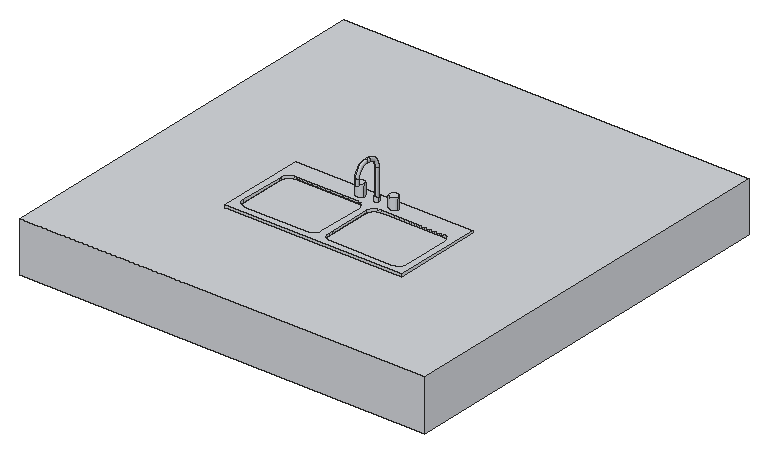
Revit family "M_Pia - Cozinha - Dupla", category Peças hidrossanitárias, Revit 2019
Family settings
  Hospedeiro = Face
  Cota do conector redondo = Usar raio
  Tipo de parte = Normal
  Número OmniClass = 23.45.05.14.14
  Título OmniClass = Sinks/Lavatories
  ID de item do Seek = Sink - Kitchen - Double-0000-CAN-ENU
  Corte com vazios quando carregada = Não
  Compartilhado = Não
  Ponto de cálculo do ambiente = Não
Parameters (values of type "1065 mmx535 mm - Público")
  Espessura = 6.4 mm
  Largura da pia = 535 mm
  WFU = 2
  Material da pia = none
  Raio do sanitário = 20 mm
  Comprimento da pia = 1065 mm
  Raio da água quente = 7.5 mm
  Diâmetro da água quente = Raio da água quente * 2  # 15 mm
  Comprimento de meia pia = Comprimento da pia / 2  # 532.5 mm
  HWFU = 3
  Pressão do fluxo [instance] = 55158.0 Pa
  Material da torneira = none
  Diâmetro do sanitário = Raio do sanitário * 2  # 40 mm
  Profundidade da pia = 205 mm
  Default Elevation = 0 mm
  Raio da água gelada = 7.5 mm
  Diâmetro da água gelada = Raio da água gelada * 2  # 15 mm
  CWFU = 3
  Assembly Code = ""
Types (2, lengths in mm): name | HWFU | CWFU
  1065 mmx535 mm - Público | 3 | 3
  1065 mmx535 mm - Privado | 1 | 1
Reference planes
  plane 1 "Centro (Frente/Trás)": y = 0
  plane 2: z = 0
  plane 3 "Centro (Esquerda/Direita)": x = 0
  plane 4: x = -101.6
  plane 5: x = 101.6
  plane 6: y = -57.15
  plane 7: z = 263.525
  plane 8: z = -205
  plane 9: z = -214.525
  plane 10: y = -535
  plane 11: x = -532.5
  plane 12: x = 532.5
  plane 13: y = -57.15
  plane 14: y = -503.25
  plane 15: y = -496.85
  plane 16: y = -458.75
  plane 17: y = -107.95
  plane 18: y = -114.35
  plane 19: y = -305.6
  plane 20: x = -101.6
  plane 21: x = 101.6
  plane 22: y = -206.375
  plane 23: x = -500.75
  plane 24: x = 500.75
  plane 25: x = -12.7
  plane 26: x = 12.7
  plane 27: x = -19.1
  plane 28: x = 19.1
  plane 29: x = -57.2
  plane 30: x = 57.2
  plane 31: x = -494.35
  plane 32: x = -456.25
  plane 33: x = -256.725
  plane 34: x = 494.35
  plane 35: x = 456.25
  plane 36: x = 256.725
  plane 37: y = -152.45
Forms (mm)
  Extrusion 1, solid
    sketch origin (0, 0, 0) x (1, 0, 0) y (0, 1, 0)
      loop
        line (-1218.3, 1219.2) -> (-1218.3, -1220.8) -> (1218.3, -1220.8) -> (1218.3, 1219.2) -> (-1218.3, 1219.2)
    from 0 to -304.8
  Extrusion 2, solid, material <- "Material da pia"
    sketch origin (-15.689, -2.345, -914.4) x (1, 0, 0) y (0, 1, 0)
      loop
        line (-516.811, 2.345) -> (-516.811, -532.655) -> (548.189, -532.655) -> (548.189, 2.345) -> (-516.811, 2.345)
      loop
        arc (-427.861, -112.005) -> (-463.782, -126.884) -> (-478.661, -162.805) r 50.8
        line (-478.661, -162.805) -> (-478.661, -443.705)
        arc (-478.661, -443.705) -> (-463.782, -479.626) -> (-427.861, -494.505) r 50.8
        line (-427.861, -494.505) -> (-54.211, -494.505)
        arc (-54.211, -494.505) -> (-18.29, -479.626) -> (-3.411, -443.705) r 50.8
        line (-3.411, -443.705) -> (-3.411, -162.805)
        arc (-3.411, -162.805) -> (-18.29, -126.884) -> (-54.211, -112.005) r 50.8
        line (-54.211, -112.005) -> (-427.861, -112.005)
      loop
        arc (459.239, -494.505) -> (495.16, -479.626) -> (510.039, -443.705) r 50.8
        line (510.039, -443.705) -> (510.039, -162.755)
        arc (510.039, -162.755) -> (495.175, -126.869) -> (459.289, -112.005) r 50.75
        line (459.289, -112.005) -> (85.589, -112.005)
        arc (85.589, -112.005) -> (49.668, -126.884) -> (34.789, -162.805) r 50.8
        line (34.789, -162.805) -> (34.789, -443.705)
        arc (34.789, -443.705) -> (49.668, -479.626) -> (85.589, -494.505) r 50.8
        line (85.589, -494.505) -> (459.239, -494.505)
    from 914.4 to 927.1
  Sweep 3, solid, material <- "Material da pia"
    path origin (-15.689, -269.045, -914.4) x (1, 0, 0) y (0, 1, 0)
      loop
        arc (-427.861, 154.695) -> (-463.782, 139.816) -> (-478.661, 103.895) r 50.8
        line (-478.661, 103.895) -> (-478.661, -177.005)
        arc (-478.661, -177.005) -> (-463.782, -212.926) -> (-427.861, -227.805) r 50.8
        line (-427.861, -227.805) -> (-54.211, -227.805)
        arc (-54.211, -227.805) -> (-18.29, -212.926) -> (-3.411, -177.005) r 50.8
        line (-3.411, -177.005) -> (-3.411, 103.895)
        arc (-3.411, 103.895) -> (-18.29, 139.816) -> (-54.211, 154.695) r 50.8
        line (-54.211, 154.695) -> (-427.861, 154.695)
    profile origin (-256.725, 0, 0) x (0, 1, 0) y (0, 0, 1)
      loop
        line (-114.35, 0) -> (-130.884, -187.61)
        arc (-130.884, -187.61) -> (-136.992, -199.995) -> (-149.862, -205) r 19.05
        line (-149.862, -205) -> (-152.45, -205) -> (-152.45, -214.525) -> (-107.95, -214.525) -> (-107.95, 0) -> (-114.35, 0)
  Extrusion 4, solid, material <- "Material da pia"
    sketch origin (-15.689, -2.345, -914.4) x (1, 0, 0) y (0, 1, 0)
      loop
        arc (-427.861, -150.105) -> (-436.841, -153.824) -> (-440.561, -162.805) r 12.7
        line (-440.561, -162.805) -> (-440.561, -443.705)
        arc (-440.561, -443.705) -> (-436.841, -452.685) -> (-427.861, -456.405) r 12.7
        line (-427.861, -456.405) -> (-54.211, -456.405)
        arc (-54.211, -456.405) -> (-45.231, -452.685) -> (-41.511, -443.705) r 12.7
        line (-41.511, -443.705) -> (-41.511, -162.805)
        arc (-41.511, -162.805) -> (-45.231, -153.824) -> (-54.211, -150.105) r 12.7
        line (-54.211, -150.105) -> (-427.861, -150.105)
      loop
        circle (-241.036, -303.255) r 25.4
    from 699.875 to 709.4
  Extrusion 5, solid, material <- "Material da torneira", detail levels fine
    sketch origin (-15.689, -2.345, -914.4) x (1, 0, 0) y (0, 1, 0)
      loop
        circle (-85.911, -54.805) r 25.4
      loop
        circle (117.289, -54.805) r 25.4
    from 914.4 to 990.6
  Sweep 6, solid, material <- "Material da torneira", detail levels fine
    path origin (0, -269.045, -914.4) x (0, 1, 0) y (0, 0, 1)
      loop
        line (211.895, 927.1) -> (211.895, 1114.375)
        arc (211.895, 1114.375) -> (193.282, 1159.312) -> (148.345, 1177.925) r 63.55
        line (148.345, 1177.925) -> (126.12, 1177.925)
        arc (126.12, 1177.925) -> (81.254, 1159.341) -> (62.67, 1114.475) r 63.45
        line (62.67, 1114.475) -> (62.67, 1079.55)
    profile origin (15.689, 0, 106.338) x (0, -1, 0) y (1, 0, 0)
      loop
        circle (57.15, -15.689) r 9.525
  Extrusion 7, solid, material <- "Material da torneira", detail levels fine
    sketch origin (-15.689, -269.045, -914.4) x (1, 0, 0) y (0, 1, 0)
      loop
        circle (15.689, 211.895) r 12.7
    from 927.1 to 952.5
  Sweep 8, solid, material <- "Material da pia"
    path origin (15.689, -269.045, -914.4) x (-1, 0, 0) y (0, -1, 0)
      loop
        line (-427.861, -154.695) -> (-54.211, -154.695)
        arc (-54.211, -154.695) -> (-18.29, -139.816) -> (-3.411, -103.895) r 50.8
        line (-3.411, -103.895) -> (-3.411, 177.005)
        arc (-3.411, 177.005) -> (-18.29, 212.926) -> (-54.211, 227.805) r 50.8
        line (-54.211, 227.805) -> (-427.861, 227.805)
        arc (-427.861, 227.805) -> (-463.782, 212.926) -> (-478.661, 177.005) r 50.8
        line (-478.661, 177.005) -> (-478.661, -103.895)
        arc (-478.661, -103.895) -> (-463.782, -139.816) -> (-427.861, -154.695) r 50.8
    profile origin (256.725, 0, 0) x (0, -1, 0) y (0, 0, 1)
      loop
        line (114.35, 0) -> (107.95, 0) -> (107.95, -214.525) -> (152.45, -214.525) -> (152.45, -205) -> (149.862, -205)
        arc (149.862, -205) -> (136.992, -199.995) -> (130.884, -187.61) r 19.05
        line (130.884, -187.61) -> (114.35, 0)
  Extrusion 9, solid, material <- "Material da pia"
    sketch origin (-15.689, -2.345, -914.4) x (1, 0, 0) y (0, 1, 0)
      loop
        arc (85.589, -150.105) -> (76.609, -153.824) -> (72.889, -162.805) r 12.7
        line (72.889, -162.805) -> (72.889, -443.705)
        arc (72.889, -443.705) -> (76.609, -452.685) -> (85.589, -456.405) r 12.7
        line (85.589, -456.405) -> (459.239, -456.405)
        arc (459.239, -456.405) -> (468.219, -452.685) -> (471.939, -443.705) r 12.7
        line (471.939, -443.705) -> (471.939, -162.805)
        arc (471.939, -162.805) -> (468.219, -153.824) -> (459.239, -150.105) r 12.7
        line (459.239, -150.105) -> (85.589, -150.105)
      loop
        circle (272.414, -303.255) r 25.4
    from 699.875 to 709.4
  Extrusion 10, solid, material <- "Material da pia"
    sketch origin (0, 0, 0) x (1, 0, 0) y (0, 1, 0)
      loop
        circle (-256.725, -305.6) r 25.4
      loop
        circle (256.725, -305.6) r 25.4
    from -214.525 to -205
Cuts and joins
  joined: Extrusion 5, Sweep 6, Extrusion 7
Dimensions and locks
  "Profundidade da pia": level to plane 8
  locked: plane 9 to plane 8 at 9.525
  "Comprimento de meia pia": plane 11 to plane 3 "Centro (Esquerda/Direita)"
  "Comprimento de meia pia": plane 3 "Centro (Esquerda/Direita)" to plane 12
  "Largura da pia": plane 10 to plane 1 "Centro (Frente/Trás)"
  locked: plane 13 to plane 1 "Centro (Frente/Trás)" at 57.15
  "Espessura": plane 15 to plane 14
  locked: plane 16 to plane 15 at 38.1
  locked: plane 13 to plane 17 at 50.8
  "Espessura": plane 17 to plane 18
  locked: plane 14 to plane 10 at 31.75
  locked: plane 20 to plane 3 "Centro (Esquerda/Direita)" at 101.6
  locked: plane 3 "Centro (Esquerda/Direita)" to plane 21 at 101.6
  locked: plane 13 to plane 22 at 149.225
  locked: plane 11 to plane 23 at 31.75
  locked: plane 24 to plane 12 at 31.75
  locked: plane 25 to plane 3 "Centro (Esquerda/Direita)" at 12.7
  locked: plane 3 "Centro (Esquerda/Direita)" to plane 26 at 12.7
  "Espessura": plane 27 to plane 25
  "Espessura": plane 26 to plane 28
  locked: plane 29 to plane 27 at 38.1
  locked: plane 28 to plane 30 at 38.1
  locked: plane 31 to plane 32 at 38.1
  equal spacing: plane 32, plane 33, plane 29
  locked: plane 34 to plane 35 at 38.1
  equal spacing: plane 30, plane 36, plane 35
  "Espessura": plane 34 to plane 24
  locked: plane 18 to plane 37 at 38.1
  equal spacing: plane 37, plane 19, plane 16
  "Espessura": plane 23 to plane 31
  radius of Extrusion 10 sketch curve = 25.4 mm  (x2)
  radius of Extrusion 9 sketch curve = 25.4 mm  (x2)
  aligned and locked: plane 2 to Extrusion 1
  aligned and locked: level to Extrusion 1
  aligned and locked: Sweep 3 to Extrusion 4
  aligned and locked: Extrusion 7 to Extrusion 2
  aligned and locked: Extrusion 9 to Sweep 3
  aligned and locked: Extrusion 2 to Extrusion 5
  aligned and locked: plane 8 to Extrusion 4
  aligned and locked: plane 8 to Sweep 3
  aligned and locked: plane 8 to Extrusion 9
  aligned and locked: plane 8 to Sweep 8
  aligned and locked: Sweep 3 to plane 9  (x3)
  aligned and locked: plane 9 to Sweep 8  (x2)
  aligned and locked: Sweep 8 to plane 9
  aligned and locked: Extrusion 9 to plane 9
  aligned and locked: Extrusion 4 to plane 9
  aligned and locked: Sweep 3 sketch curve to plane 9
  aligned and locked: plane 8 to Sweep 3 sketch curve
  aligned and locked: Sweep 8 sketch curve to plane 9
  aligned and locked: plane 8 to Sweep 8 sketch curve
  aligned and locked: level to Sweep 3 sketch curve
  aligned and locked: level to Sweep 8 sketch curve
  aligned and locked: Extrusion 10 to plane 9
  aligned and locked: plane 8 to Extrusion 10
  aligned and locked: plane 1 "Centro (Frente/Trás)" to Extrusion 2 sketch curve
  aligned and locked: Sweep 8 to Extrusion 9 sketch curve
  aligned and locked: Extrusion 9 sketch curve to Sweep 8
  aligned and locked: Extrusion 4 sketch curve to Sweep 3  (x2)
  aligned and locked: Extrusion 9 to Sweep 8  (x2)
  aligned and locked: Extrusion 4 to Sweep 3  (x2)
  aligned and locked: plane 10 to Extrusion 2 sketch curve
  aligned and locked: plane 12 to Extrusion 2 sketch curve
  aligned and locked: plane 11 to Extrusion 2 sketch curve
  aligned and locked: plane 31 to Extrusion 2 sketch curve
  aligned and locked: plane 15 to Extrusion 2 sketch curve  (x2)
  aligned and locked: Extrusion 2 sketch curve to plane 18  (x2)
  aligned and locked: Extrusion 2 sketch curve to plane 27
  aligned and locked: plane 28 to Extrusion 2 sketch curve
  aligned and locked: plane 34 to Extrusion 2 sketch curve
  aligned and locked: Sweep 3 sketch curve to plane 18
  aligned and locked: plane 31 to Sweep 3 sketch curve
  aligned and locked: plane 15 to Sweep 3 sketch curve
  aligned and locked: Sweep 3 sketch curve to plane 27
  aligned and locked: plane 18 to Sweep 8 sketch curve
  aligned and locked: Sweep 8 sketch curve to plane 34
  aligned and locked: Sweep 8 sketch curve to plane 15
  aligned and locked: plane 28 to Sweep 8 sketch curve
  aligned and locked: plane 35 to Extrusion 9 sketch curve
  aligned and locked: Extrusion 9 sketch curve to plane 30
  aligned and locked: plane 19 to Extrusion 9 sketch curve
  aligned and locked: plane 36 to Extrusion 9 sketch curve
  aligned and locked: plane 19 to Extrusion 10 sketch curve  (x2)
  aligned and locked: plane 36 to Extrusion 10 sketch curve
  aligned and locked: Extrusion 4 sketch curve to plane 29
  aligned and locked: plane 32 to Extrusion 4 sketch curve
  aligned and locked: plane 19 to Extrusion 4 sketch curve
  aligned and locked: plane 33 to Extrusion 4 sketch curve
  aligned and locked: plane 33 to Extrusion 10 sketch curve
  aligned and locked: plane 20 to Extrusion 5 sketch curve
  aligned and locked: plane 13 to Extrusion 5 sketch curve  (x2)
  aligned and locked: plane 21 to Extrusion 5 sketch curve
  aligned and locked: plane 13 to Extrusion 7 sketch curve
  aligned and locked: plane 3 "Centro (Esquerda/Direita)" to Extrusion 7 sketch curve
  aligned and locked: Sweep 6 sketch curve to plane 13
  aligned and locked: plane 22 to Sweep 6 sketch curve
  aligned and locked: plane 17 to Sweep 3 sketch curve
  aligned and locked: Sweep 3 sketch curve to plane 37
  aligned and locked: plane 17 to Sweep 8 sketch curve
  aligned and locked: Sweep 8 sketch curve to plane 37
Automatic sketch dimensions
  Extrusion 2 sketch curve to Extrusion 2 sketch curve = 50.8 mm  (x3)
  Extrusion 2 sketch curve to Extrusion 2 sketch curve = 88.9 mm
  Extrusion 2 sketch curve to Extrusion 2 sketch curve = 0 mm
  plane 32 to Sweep 3 sketch curve = 12.7 mm  (x2)
  Sweep 3 sketch curve to plane 29 = 12.7 mm  (x2)
  Sweep 3 sketch curve to profile plane = 0 mm
  profile plane to Sweep 3 sketch curve = 16.534 mm
  Sweep 3 sketch curve to Sweep 3 sketch curve = 2.588 mm
  Sweep 3 sketch curve to Sweep 3 sketch curve = 17.39 mm
  plane 32 to Extrusion 4 sketch curve = 12.7 mm  (x2)
  Extrusion 4 sketch curve to plane 33 = 25.4 mm
  Extrusion 4 sketch curve to plane 29 = 12.7 mm  (x2)
  Sweep 6 sketch curve to plane 7 = 0 mm
  Sweep 6 sketch curve to plane 18 = 28.575 mm
  Sweep 6 sketch curve to plane 18 = 6.35 mm
  Sweep 6 sketch curve to Sweep 6 sketch curve = 34.925 mm
  level to Sweep 6 sketch curve = 12.7 mm
  Sweep 6 sketch curve to Sweep 6 sketch curve = 0 mm  (x2)
  Sweep 6 sketch curve to profile plane = 0 mm
  profile plane to Sweep 6 sketch curve = 9.525 mm
  plane 35 to Sweep 8 sketch curve = 12.7 mm  (x2)
  Sweep 8 sketch curve to plane 30 = 12.7 mm  (x2)
  Sweep 8 sketch curve to profile plane = 0 mm
  Sweep 8 sketch curve to profile plane = 16.534 mm
  Sweep 8 sketch curve to Sweep 8 sketch curve = 2.588 mm
  Sweep 8 sketch curve to Sweep 8 sketch curve = 17.39 mm
  Extrusion 9 sketch curve to plane 30 = 12.7 mm  (x2)
  plane 35 to Extrusion 9 sketch curve = 12.7 mm  (x2)
  Extrusion 2 sketch curve to plane 29 = 12.7 mm
  plane 16 to Extrusion 2 sketch curve = 12.7 mm
  Extrusion 2 sketch curve to plane 30 = 12.7 mm
  Extrusion 9 sketch curve to plane 19 = 0 mm
  Extrusion 5 sketch curve to Extrusion 5 sketch curve = 25.4 mm  (x2)
  Extrusion 7 sketch curve to Extrusion 7 sketch curve = 12.7 mm
  Extrusion 1 sketch curve to Extrusion 1 sketch curve = 2436.6 mm
  Extrusion 1 sketch curve to Extrusion 1 sketch curve = 2440 mm
Connectors
  piping at (101.6, -57.15, 0), diameter 15, driven by "Diâmetro da água quente", driven by "CWFU", driven by "Raio da água gelada", driven by "Pressão do fluxo"
    settings: on Extrusion 5, index 1, connector inside diameter 15 mm, connector length 0 mm, flow factor 0, pipe flow 0.0 L/s, pressure drop 55158.0 Pa, fitting loss kfactor 0, connector angle 0.00°, fixture units 3, engagement length 0 mm, angle of deflection 0.00°, flow configuration 3, flow direction 1, fitting loss method 4, system type 20, joint type 0, gender type 0, connector reference index -1, connector utility 0, adjustable connector no, is connector primary yes, connector description "In"
  piping at (-101.6, -57.15, 0), diameter 15, driven by "Diâmetro da água gelada", driven by "HWFU", driven by "Raio da água quente", driven by "Pressão do fluxo"
    settings: on Extrusion 5, index 2, connector inside diameter 15 mm, connector length 0 mm, flow factor 0, pipe flow 0.0 L/s, pressure drop 55158.0 Pa, fitting loss kfactor 0, connector angle 0.00°, fixture units 3, engagement length 0 mm, angle of deflection 0.00°, flow configuration 3, flow direction 1, fitting loss method 4, system type 19, joint type 0, gender type 0, connector reference index -1, connector utility 0, adjustable connector no, is connector primary no, connector description "In"
  piping at (256.725, -305.6, -214.525), diameter 40, driven by "WFU", driven by "Diâmetro do sanitário", driven by "Raio do sanitário"
    settings: on Extrusion 9, index 3, connector inside diameter 40 mm, connector length 0 mm, flow factor 0, pipe flow 0.0 L/s, pressure drop 0.0 Pa, fitting loss kfactor 0, connector angle 0.00°, fixture units 2, engagement length 0 mm, angle of deflection 0.00°, flow configuration 3, flow direction 2, fitting loss method 0, system type 16, joint type 0, gender type 0, connector reference index -1, connector utility 0, adjustable connector no, is connector primary no, connector description "Saída"
  piping at (-256.725, -305.6, -214.525), diameter 40, driven by "Diâmetro do sanitário", driven by "WFU", driven by "Raio do sanitário"
    settings: on Extrusion 4, index 4, connector inside diameter 40 mm, connector length 0 mm, flow factor 0, pipe flow 0.0 L/s, pressure drop 0.0 Pa, fitting loss kfactor 0, connector angle 0.00°, fixture units 2, engagement length 0 mm, angle of deflection 0.00°, flow configuration 3, flow direction 2, fitting loss method 0, system type 16, joint type 0, gender type 0, connector reference index -1, connector utility 0, adjustable connector no, is connector primary no, connector description "Saída"
